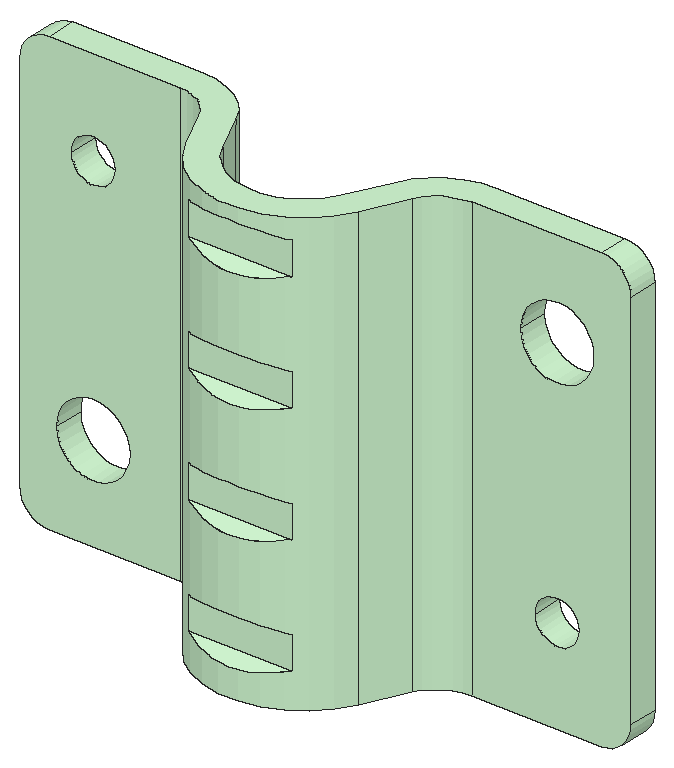
Revit family "ボルトホルダー", category 機械設備, Revit 2020
Family settings
  丸型コネクタ寸法 = 直径を使用
  種別 = なし
  パーツ タイプ = 標準
  作業面ベース = いいえ
  常に垂直 = はい
  ロード時にボイドで切り取り = いいえ
  共有 = いいえ
  部屋計算ポイント = いいえ
Parameters
  製造元 = "株式会社桐井製作所"
  既定の高さ = 0 mm
  URL = "https://www.kirii.co.jp/"
  K_許容荷重(N) = 900
  K_品名 = "ボルトホルダー"
  K_名称 = "ボルトホルダー"
  K_入数 = "200"
  K_バージョン情報 = "20210714"
Reference planes
  plane 1 "中心(正面/背面)": y = 0
  plane 2: z = 0
  plane 3 "中心(左/右)": x = 0
Forms (mm)
  Extrusion 1, solid
    sketch origin (0, 0, -20.583) x (1, 0, 0) y (0, 1, 0)
      loop
        line (20.75, 3.75) -> (9.917, 3.75)
        arc (9.917, 3.75) -> (7.242, 2.974) -> (5.397, 0.887) r 5
        line (5.397, 0.887) -> (4.068, -1.923)
        arc (4.068, -1.923) -> (0, -4.5) -> (-4.068, -1.923) r 4.5
        line (-4.068, -1.923) -> (-5.397, 0.887)
        arc (-5.397, 0.887) -> (-7.242, 2.974) -> (-9.917, 3.75) r 5
        line (-9.917, 3.75) -> (-20.75, 3.75) -> (-20.75, 1.75) -> (-9.917, 1.75)
        arc (-9.917, 1.75) -> (-8.312, 1.284) -> (-7.205, 0.032) r 3
        line (-7.205, 0.032) -> (-5.877, -2.778)
        arc (-5.877, -2.778) -> (0, -6.5) -> (5.877, -2.778) r 6.5
        line (5.877, -2.778) -> (7.205, 0.032)
        arc (7.205, 0.032) -> (8.312, 1.284) -> (9.917, 1.75) r 3
        line (9.917, 1.75) -> (20.75, 1.75) -> (20.75, 3.75)
    from 5.583 to 35.583
  Extrusion 2, void
    sketch origin (0, 0, 0) x (1, 0, 0) y (0, 0, 1)
      loop
        circle (-15.75, 8.5) r 1.5
      loop
        circle (15.75, -8.5) r 1.5
    from -3.75 to -1.783
  Extrusion 3, void
    sketch origin (0, 0, 0) x (1, 0, 0) y (0, 0, 1)
      loop
        circle (15.75, 8.5) r 2.5
      loop
        circle (-15.75, -8.5) r 2.5
    from -3.75 to -1.783
  Extrusion 4, void
    sketch origin (0, 1.756, 0) x (0, 1, 0) y (0, 0, 1)
      loop
        line (-8.257, 14.104) -> (-8.257, 10.896) -> (-7.25, 11.4) -> (-7.25, 13.6) -> (-8.257, 14.104)
      loop
        line (-8.26, 6.105) -> (-8.26, 2.895) -> (-7.25, 3.4) -> (-7.25, 5.6) -> (-8.26, 6.105)
      loop
        line (-8.257, -1.896) -> (-8.257, -5.104) -> (-7.25, -4.6) -> (-7.25, -2.4) -> (-8.257, -1.896)
      loop
        line (-8.26, -9.895) -> (-8.26, -13.105) -> (-7.25, -12.6) -> (-7.25, -10.4) -> (-8.26, -9.895)
    from -3.538 to 3.538
  Extrusion 5, solid
    sketch origin (0, 0, 0) x (1, 0, 0) y (0, 1, 0)
      loop
        arc (-2.5, -3.742) -> (0, -4.5) -> (2.5, -3.742) r 4.5
        line (2.5, -3.742) -> (-2.5, -3.742)
    from 11.4 to 13.6
  Extrusion 6, solid
    sketch origin (0, 0, -8) x (1, 0, 0) y (0, 1, 0)
      loop
        arc (-2.5, -3.742) -> (0, -4.5) -> (2.5, -3.742) r 4.5
        line (2.5, -3.742) -> (-2.5, -3.742)
    from 11.4 to 13.6
  Extrusion 7, solid
    sketch origin (0, 0, -16) x (1, 0, 0) y (0, 1, 0)
      loop
        arc (-2.5, -3.742) -> (0, -4.5) -> (2.5, -3.742) r 4.5
        line (2.5, -3.742) -> (-2.5, -3.742)
    from 11.4 to 13.6
  Extrusion 8, solid
    sketch origin (0, 0, -24) x (1, 0, 0) y (0, 1, 0)
      loop
        arc (-2.5, -3.742) -> (0, -4.5) -> (2.5, -3.742) r 4.5
        line (2.5, -3.742) -> (-2.5, -3.742)
    from 11.4 to 13.6
  Extrusion 9, void
    sketch origin (0, 0, 0) x (1, 0, 0) y (0, 0, 1)
      loop
        line (-18.75, 15) -> (-20.75, 15) -> (-20.75, 13)
        arc (-20.75, 13) -> (-20.164, 14.414) -> (-18.75, 15) r 2
      loop
        line (-20.75, -13) -> (-20.75, -15) -> (-18.75, -15)
        arc (-18.75, -15) -> (-20.164, -14.414) -> (-20.75, -13) r 2
      loop
        line (18.75, -15) -> (20.75, -15) -> (20.75, -13)
        arc (20.75, -13) -> (20.164, -14.414) -> (18.75, -15) r 2
      loop
        line (20.75, 13) -> (20.75, 15) -> (18.75, 15)
        arc (18.75, 15) -> (20.164, 14.414) -> (20.75, 13) r 2
    from -3.736 to -1.75
Cuts and joins
  Extrusion 2, Extrusion 3, Extrusion 4, Extrusion 9 cuts Extrusion 1
  joined: Extrusion 1, Extrusion 5, Extrusion 6, Extrusion 7, Extrusion 8
Dimensions and locks
  aligned and locked: level to plane 2
